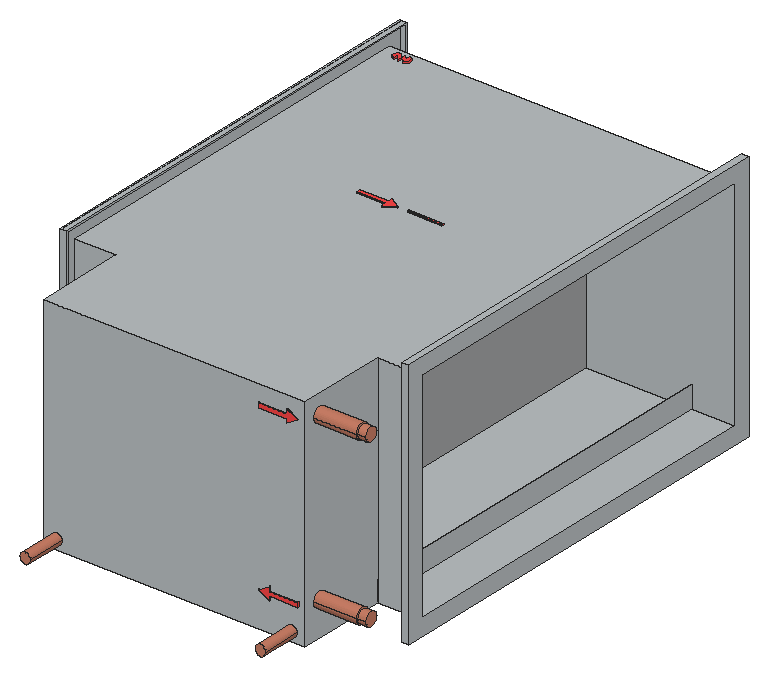
Revit family "NLRS_57_DUA_UN_rectangular-cooloer-acxkkx1-7_LT_sacs", category Duct Accessories, Revit 2023
Family settings
  Round Connector Dimension = Use Diameter
  Part Type = Breaks Into
  OmniClass Number = 23.75.10.24.21
  OmniClass Title = Cooling and Freeze Components
  Work Plane-Based = No
  Always vertical = Yes
  Cut with Voids When Loaded = No
  Shared = No
Parameters (values of type "ACxKKx1-7")
  Water connection Right [instance] = yes
  Type IFC Predefined Type = "Cooler"
  SACS_Y_Offset2 [instance] = if(Water connection Right, SACS_Duct_Width + SACS_Length_Y - 20 mm, 65 mm)  # 535 mm
  SACS_Y_Offset [instance] = if(Water connection Right, 0 mm, SACS_Length_Y + 45 mm)  # 0 mm
  SACS_Warning_Text_Size [instance] = if(SACS_Warning_Size, "Invalid duct size. Nearest larger size selected", " ")  # " "
  SACS_Warning_Text_Other [instance] = if(SACS_Warning_Other, "Selected configuration not allowed", if([Cooler circuits (1-26)] > 22, "Use family ACxKKx23-26", if([Cooler circuits (1-26)] > 14, "Use family ACxKKx15-22", if([Cooler circuits (1-26)] > 7, "Use family ACxKKx8-14", " "))))  # " "
  SACS_Warning_Size [instance] = or(not(NLRS_M_c01_breedte = SACS_Duct_Width), not(NLRS_M_c01_hoogte = SACS_Duct_Height))  # no
  SACS_Warning_Sign [instance] = and(not(SACS_Disable_Warning), or(SACS_Warning_Size, SACS_Warning_Other))  # no
  SACS_Warning_Other [instance] = or([Cooler rows (2-10)] < 2, [Cooler rows (2-10)] > 10, [Cooler circuits (1-26)] < 1, [Cooler circuits (1-26)] > 26)  # no
  SACS_Use_Manual_Airflow [instance] = no
  SACS_Right_Box [instance] = if(Water connection Right, SACS_Duct_Width + SACS_Length_Y, SACS_Y_Offset - 1 mm)  # 555 mm
  SACS_Plenum_L [instance] = if(SACS_Index1 < 7 mm, 400 mm, 500 mm)  # 400 mm
  SACS_Offset2 [instance] = if(Water connection Right, SACS_Right_Box + 45 mm, 45 mm)  # 600 mm
  SACS_Offset1 [instance] = if(Water connection Right, SACS_Right_Box, 0 mm)  # 555 mm
  SACS_Model [instance] = size_lookup(SACS_Data_Hidden, "Model", "NB", SACS_Duct_Width, SACS_Duct_Height, SACS_Index1, SACS_Index2, SACS_Index3)  # "AC2KKR-25-02 450x250"
  SACS_Manual_Airflow [instance] = 0.0 m³/h
  SACS_Left_Box [instance] = if(Water connection Right, SACS_Duct_Width + 1 mm, 45 mm)  # 451 mm
  SACS_Index3 [instance] = if(Water connection Right, 0 mm, 1 mm)  # 0 mm
  SACS_Index2 [instance] = if([Cooler circuits (1-26)] < 1, 1, if([Cooler circuits (1-26)] > 26, 26, [Cooler circuits (1-26)])) * 1 mm  # 2 mm
  SACS_Index1 [instance] = if([Cooler rows (2-10)] < 2, 2, if([Cooler rows (2-10)] > 10, 10, [Cooler rows (2-10)])) * 1 mm  # 2 mm
  SACS_Disable_Warning [instance] = no
  SACS_Data_Hidden [instance] = if(Water connection Right, "AC-KKR_1-7", "AC-KKL_1-7")  # "AC-KKR_1-7"
  SACS_Battery_Length [instance] = SACS_Index1 * 28  # 56 mm
  URL = "https://solid-air.nl/producten/solid-air-nakoeler-ac-k/"
  Type Comments = "Check flow directions, do not mirror!"  # constant formula
  SACS_Y_Offset3 [instance] = if(Water connection Right, -1 mm, SACS_Length_Y - 1 mm)  # -1 mm
  SACS_Type_Mark [instance] = ""
  SACS_Offset_RL [instance] = if(Water connection Right, 20 mm, SACS_Duct_Width + SACS_Length_Y - 19 mm)  # 20 mm
  SACS_Length_Y [instance] = 90 mm + NLRS_P_c01_diameter  # 105 mm
  SACS_Index_Side [instance] = if(Water connection Right, 0, 1)  # 0
  SACS_Flange_Height [instance] = if(or(SACS_Duct_Height > 650 mm, SACS_Duct_Width > 650 mm), 29 mm, 19 mm)  # 19 mm
  SACS_Duct_Width [instance] = if(roundup(NLRS_M_c01_breedte / 50 mm) * 50 < 200, 200 mm, if(roundup(NLRS_M_c01_breedte / 50 mm * 50) > 2000, 2000 mm, roundup(NLRS_M_c01_breedte / 50 mm) * 50 mm))  # 450 mm
  SACS_Duct_Height [instance] = if(roundup(NLRS_M_c01_hoogte / 50 mm) * 50 < 200, 200 mm, if(roundup(NLRS_M_c01_hoogte / 50 mm * 50) > 1600, 1600 mm, roundup(NLRS_M_c01_hoogte / 50 mm) * 50 mm))  # 250 mm
  SACS_Diameter2 [instance] = NLRS_P_c01_diameter + 2 mm  # 17 mm
  SACS_Air_Flow [instance] = 0.0 m³/h
  SA-Select [instance] = "https://saselect.solid-air.nl/"
  NLRS_P_c01_drukverlies_statisch [instance] = 0.0 Pa
  NLRS_P_c01_diameter [instance] = if([Cooler circuits (1-26)] < 8, 15 mm, if([Cooler circuits (1-26)] < 15, 20 mm, if([Cooler circuits (1-26)] < 23, 25 mm, 32 mm)))  # 15 mm
  NLRS_M_c01_hoogte [instance] = 250 mm
  NLRS_M_c01_drukverlies_statisch [instance] = 0.0 Pa
  NLRS_M_c01_breedte [instance] = 450 mm
  NLRS_C_model [instance] = SACS_Model  # "AC2KKR-25-02 450x250"
  NLRS_C_description = Description  # "Cooling battery AC_KK - Rectangular connector - Solid Air"
  NLRS_C_content_versie = "4.23.01"  # constant formula
  NLRS_C_content_provider = "Solid Air Climate Solutions"  # constant formula
  NLRS_C_content_datum_uitgifte = "01-04-2026"  # constant formula
  NLRS_C_content_creator = "J. Feeke"  # constant formula
  NLRS_C_artikel_code [instance] = size_lookup(SACS_Data_Hidden, "Artikelcode", "NB", SACS_Duct_Width, SACS_Duct_Height, SACS_Index1, SACS_Index2, SACS_Index3)  # "NB"
  Export Type to IFC As = "IfcHeatExchanger"
  Default Elevation = 0 mm
  NLRS_P_c01_volumestroom [instance] = 0.0 L/s
  NLRS_M_c01_debiet [instance] = abs(if(SACS_Use_Manual_Airflow, SACS_Manual_Airflow, SACS_Air_Flow))  # 0.0 m³/h
  Model = "AC_KK"  # constant formula
  Manufacturer = "Solid Air Climate Solutions"  # constant formula
  LoadBearing [instance] = 1 = 0  # no
  Keynote = ""
  IsExternal [instance] = 1 = 0  # no
  IfcExportType = "Cooler"  # constant formula
  IfcExportAs = "IfcHeatExchanger"  # constant formula
  IfcDescription = Description  # "Cooling battery AC_KK - Rectangular connector - Solid Air"
  Cooler rows (2-10) [instance] = 2
  FireRating [instance] = "00"  # constant formula
  Description = "Cooling battery AC_KK - Rectangular connector - Solid Air"  # constant formula
  Cost = 0
  Cooler circuits (1-26) [instance] = 2
  Assembly Code = "57.00"
Reference planes
  plane 1 "Center (Front/Back)": y = 0
  plane 2: z = 0
  plane 3 "Center (Left/Right)": x = 0
  plane 4 "top": z = 125
  plane 5 "bottom": z = -125
  plane 6 "left": x = -200
  plane 7 "right": x = 200
  plane 8 "back": y = 225
  plane 9 "Front": y = -225
  plane 10 "box": y = -330
  plane 11: y = -226
  plane 12: y = 225
Forms (mm)
  Sweep 1, solid, material "NLRS_57_sendzimir verzinkt_gen_sacs", detail levels medium+fine
    path in 3D
      loop
        line (0, -225, -125) -> (0, 225, -125) -> (0, 225, 125) -> (0, -225, 125) -> (0, -225, -125)
    profile "casing : casing" origin (0, -225, 0) x (0, 1, 0) y (1, 0, 0)
      loop
        line (0, -200) -> (0, 200) -> (-19, 200) -> (-19, 192.5) -> (-18, 192.5) -> (-18, 199) -> (-1, 199) -> (-1, -199) -> (-18, -199) -> (-18, -192.5) -> (-19, -192.5) -> (-19, -200) -> (0, -200)
  Extrusion 2, solid, material "NLRS_57_sendzimir verzinkt_gen_sacs", detail levels medium+fine
    sketch origin (0, 0, 0) x (1, 0, 0) y (0, 1, 0)
      loop
        line (-150, -226) -> (-150, -330) -> (150, -330) -> (150, -226) -> (-150, -226)
    from -126 to 126
  Extrusion 3, solid, material "Koper", detail levels medium+fine
    sketch origin (200, 0, 0) x (0, 1, 0) y (0, 0, 1)
      loop
        circle (-310, 105) r 8.5
      loop
        circle (-310, -85) r 8.5
    from -50 to 0
  Extrusion 4, solid, material "Koper", detail levels medium+fine
    sketch origin (200, 0, 0) x (0, 1, 0) y (0, 0, 1)
      loop
        circle (-310, 105) r 7.5
      loop
        circle (-310, -85) r 7.5
    from 0 to 10
  Extrusion 5, solid, material "NLRS_57_anodised aluminium_gen_sacs", detail levels medium+fine
    sketch origin (0, 0, 0) x (1, 0, 0) y (0, 1, 0)
      loop
        line (-28, 225) -> (-28, -225) -> (28, -225) -> (28, 225) -> (-28, 225)
    from -125 to 125
  Extrusion 6, solid, material "SACS_Label", detail levels medium+fine
    sketch origin (0, 0, 125) x (-1, 0, 0) y (0, -1, 0)
      loop
        line (-4.439, -1) -> (-4.439, 1) -> (-44.439, 1) -> (-44.439, -1) -> (-4.439, -1)
    from 1 to 2
  Extrusion 7, solid, material "Koper", detail levels medium+fine
    sketch origin (0, 0, 0) x (1, 0, 0) y (0, 0, 1)
      loop
        circle (-135, -115) r 6
      loop
        circle (135, -115) r 6
    from 330 to 375
  Extrusion 8, solid, material "NLRS_57_sendzimir verzinkt_gen_sacs", detail levels medium+fine
    sketch origin (0, 0, 0) x (1, 0, 0) y (0, 0, 1)
      loop
        line (149, -100) -> (149, -125) -> (150, -125) -> (150, -100) -> (149, -100)
      loop
        line (-150, -100) -> (-150, -125) -> (-149, -125) -> (-149, -100) -> (-150, -100)
    from -225 to 225
Cuts and joins
  joined: Sweep 1, Extrusion 2
Lines and regions (mm)
  model lines, not visible
    curve 1: line (0, 225, 125) -> (0, -225, 125)
    curve 2: line (0, 225, -125) -> (0, 225, 125)
    curve 3: line (0, -225, -125) -> (0, 225, -125)
    curve 4: line (0, -225, 125) -> (0, -225, -125)
  sketch lines
    curve 5: line (0, -225, 125) -> (0, -225, -125)
    curve 6: line (0, 225, 125) -> (0, -225, 125)
    curve 7: line (0, 225, -125) -> (0, 225, 125)
    curve 8: line (0, -225, -125) -> (0, 225, -125)
Dimensions and locks
  equal spacing: plane 4 "top", level, plane 5 "bottom"
  "SACS_Duct_Height": plane 4 "top" to plane 5 "bottom"
  equal spacing: plane 6 "left", plane 3 "Center (Left/Right)", plane 7 "right"
  equal spacing: plane 8 "back", plane 1 "Center (Front/Back)", plane 9 "Front"
  "SACS_Duct_Width": plane 8 "back" to plane 9 "Front"
  "SACS_Plenum_L": plane 6 "left" to plane 7 "right"
  "SACS_Y_Offset": plane 12 to plane 8 "back"
  "SACS_Left_Box": plane 12 to plane 11
  "SACS_Right_Box": plane 12 to plane 10 "box"
  locked: Extrusion 2 sketch curve to plane 7 "right" at 50
  locked: plane 6 "left" to Extrusion 2 sketch curve at 50
  locked: Extrusion 2 to plane 4 "top" at 1
  locked: plane 5 "bottom" to Extrusion 2 at 1
  "SACS_Y_Offset2": Extrusion 3 sketch curve to plane 12
  locked: plane 4 "top" to Extrusion 3 sketch curve at 20
  locked: Extrusion 3 sketch curve to plane 5 "bottom" at 40
  "SACS_Y_Offset2": plane 12 to Extrusion 3 sketch curve
  locked: Extrusion 3 to plane 7 "right" at 50
  locked: Extrusion 4 sketch curve to plane 5 "bottom" at 40
  locked: plane 4 "top" to Extrusion 4 sketch curve at 20
  "SACS_Y_Offset2": plane 12 to Extrusion 4 sketch curve  (x2)
  locked: plane 7 "right" to Extrusion 4 at 10
  equal spacing: Extrusion 5 sketch curve, plane 3 "Center (Left/Right)", Extrusion 5 sketch curve
  "SACS_Battery_Length": Extrusion 5 sketch curve to Extrusion 5 sketch curve
  locked: plane 7 "right" to nested 1 at 80
  locked: plane 7 "right" to nested 2 at 80
  locked: nested 3 to plane 3 "Center (Left/Right)" at 30
  Extrusion 6 sketch curve to plane 1 "Center (Front/Back)" to Extrusion 6 sketch curve = 1 mm locked, 1 mm locked
  locked: plane 6 "left" to nested 4 at 25
  locked: plane 8 "back" to nested 4 at 10
  "SACS_Offset1": plane 12 to Extrusion 7
  "SACS_Offset2": plane 12 to Extrusion 7
  locked: Extrusion 7 sketch curve to plane 5 "bottom" at 10  (x2)
  locked: Extrusion 7 sketch curve to plane 6 "left" at 65
  locked: plane 7 "right" to Extrusion 7 sketch curve at 65
  locked: plane 7 "right" to Extrusion 8 sketch curve at 51
  locked: plane 7 "right" to Extrusion 8 sketch curve at 50
  locked: Extrusion 8 sketch curve to plane 5 "bottom" at 25  (x2)
  locked: Extrusion 8 sketch curve to plane 6 "left" at 50
  locked: Extrusion 8 sketch curve to plane 6 "left" at 51
  locked: nested 1 to plane 5 "bottom" at 40
  locked: plane 4 "top" to nested 2 at 20
  "SACS_Diameter2": diameter of Extrusion 3 sketch curve  (x2)
  "NLRS_P_c01_diameter": diameter of Extrusion 4 sketch curve  (x2)
  aligned and locked: level to plane 2
  aligned and locked: curve 1 to plane 4 "top"
  aligned and locked: plane 9 "Front" to curve 4
  aligned and locked: plane 5 "bottom" to curve 3
  aligned and locked: curve 2 to plane 8 "back"
  aligned and locked: Extrusion 2 sketch curve to plane 11
  aligned and locked: plane 10 "box" to Extrusion 2 sketch curve
  aligned and locked: plane 7 "right" to Extrusion 3
  aligned and locked: plane 8 "back" to Extrusion 5
  aligned and locked: Extrusion 5 to plane 9 "Front"
  aligned and locked: Extrusion 5 to plane 5 "bottom"
  aligned and locked: plane 4 "top" to Extrusion 5
  aligned and locked: plane 1 "Center (Front/Back)" to nested 3
  aligned and locked: plane 3 "Center (Left/Right)" to nested 5
  aligned and locked: plane 5 "bottom" to Extrusion 8 sketch curve
  aligned and locked: Extrusion 8 to plane 9 "Front"
  aligned and locked: plane 8 "back" to Extrusion 8
Automatic sketch dimensions
  plane 3 "Center (Left/Right)" to Extrusion 6 sketch curve = 44.439 mm
  plane 3 "Center (Left/Right)" to Extrusion 6 sketch curve = 4.439 mm
  Extrusion 8 sketch curve to plane 5 "bottom" = 0 mm
  Extrusion 5 sketch curve to plane 9 "Front" = 0 mm
  Extrusion 5 sketch curve to plane 8 "back" = 0 mm
  radius of Extrusion 7 sketch curve = 6 mm  (x2)
Nested families
  nested 1: "arrow" at (120, -331, -85) x (-1, 0, 0) z (0, 1, 0), built-in parameter 1001364 <- "SACS_Y_Offset3", type "arrow", detail levels medium+fine
  nested 2: "arrow" at (120, -331, 105) x (1, 0, 0) z (0, 1, 0), built-in parameter 1001364 <- "SACS_Y_Offset3", type "arrow", detail levels medium+fine
  nested 3: "arrow" at (-30, 0, 126), type "arrow", detail levels medium+fine
  nested 4: "logo_single" at (-175, 215, 125), type "logo_single", detail levels medium+fine
  nested 5: "NK-Symbol" at (0, 0, 125), type "NK-Top", detail levels coarse
  nested 6: "Warning" at (0, 0, 125), visible <- "SACS_Warning_Size", type "Warning", detail levels medium+fine
  nested 7: "NK-Symbol" at (0, 0, 0) x (1, 0, 0) z (0, -1, 0), type "NK-Side"
Connectors
  hvac at (-200, 0, 0), driven by "NLRS_M_c01_hoogte", driven by "NLRS_M_c01_breedte", driven by "NLRS_M_c01_debiet", driven by "NLRS_M_c01_drukverlies_statisch"
    settings: on cut or joined group of Sweep 1, Extrusion 2, index 1, duct flow 0.0 m³/h, flow factor 0, pres drop 0.0 Pa, loss coef 0, conn angle 0.00°, conn width 450 mm, conn height 250 mm, conn diameter 609.6 mm, duct sys type 29, conn prof type 1, flow config 1, flow direction 1, loss method 4, conn ref index -1, conn util no, is conn primary yes, conn desc ""
  hvac at (200, 0, 0), driven by "NLRS_M_c01_hoogte", driven by "NLRS_M_c01_breedte", driven by "SACS_Air_Flow"
    settings: on cut or joined group of Sweep 1, Extrusion 2, index 2, duct flow 0.0 m³/h, flow factor 0, pres drop 0.0 Pa, loss coef 0, conn angle 0.00°, conn width 450 mm, conn height 250 mm, conn diameter 609.6 mm, duct sys type 29, conn prof type 1, flow config 0, flow direction 2, loss method 0, conn ref index -1, conn util no, is conn primary no, conn desc ""
  piping at (200, -310, -85), diameter 15, driven by "NLRS_P_c01_diameter", driven by "NLRS_P_c01_volumestroom", driven by "NLRS_P_c01_drukverlies_statisch"
    settings: on Extrusion 4, index 3, connector inside diameter 24", connector length 0 mm, flow factor 0, pipe flow 0.0 L/s, pressure drop 0.0 Pa, fitting loss kfactor 0, connector angle 0.00°, fixture units 0, engagement length 0 mm, angle of deflection 0.00°, flow configuration 1, flow direction 1, fitting loss method 4, system type 7, joint type 0, gender type 0, connector reference index -1, connector utility 0, adjustable connector no, is connector primary yes, connector description ""
  piping at (200, -310, 105), diameter 15, driven by "NLRS_P_c01_diameter", driven by "NLRS_P_c01_volumestroom", driven by "NLRS_P_c01_drukverlies_statisch"
    settings: on Extrusion 4, index 4, connector inside diameter 24", connector length 0 mm, flow factor 0, pipe flow 0.0 L/s, pressure drop 0.0 Pa, fitting loss kfactor 0, connector angle 0.00°, fixture units 0, engagement length 0 mm, angle of deflection 0.00°, flow configuration 1, flow direction 2, fitting loss method 4, system type 8, joint type 0, gender type 0, connector reference index -1, connector utility 0, adjustable connector no, is connector primary no, connector description ""
Definition of nested family "arrow"
  Parameters (values of type "arrow")
    Default Elevation = 1219.2 mm
  Reference planes
    plane 1 "Center (Front/Back)": y = 0
    plane 2: z = 0
    plane 3 "Center (Left/Right)": x = 0
  Forms (mm)
    Extrusion 1, solid
      sketch origin (0, 48.354, 0) x (-1, 0, 0) y (0, -1, 0)
        loop
          line (22.513, 50.854) -> (-10.002, 50.854) -> (-10.002, 55.854) -> (-22.513, 48.354) -> (-10.002, 40.854) -> (-10.002, 45.854) -> (22.513, 45.854) -> (22.513, 50.854)
      from 0 to 1
  Dimensions and locks
    aligned and locked: level to plane 2
Definition of nested family "logo_single"
  Parameters (values of type "logo_single")
    t = 5 mm
    Model = "LOD 400"
    Description = "Model type"
    Default Elevation = 1219.2 mm
  Reference planes
    plane 1 "Center (Front/Back)": y = 0
    plane 2: z = 0
    plane 3 "Center (Left/Right)": x = 0
    plane 4: z = 2
    plane 5: x = -10
    plane 6: y = -5
    plane 7: y = 5
    plane 8: x = -5
    plane 9: x = 5
    plane 10: x = 10
  Forms (mm)
    Extrusion 1, solid
      sketch origin (-547.644, -297.937, 0) x (1, 0, 0) y (0, 1, 0)
        loop
          arc (542.644, 302.937) -> (537.644, 297.937) -> (542.644, 292.937) r 5
          line (542.644, 292.937) -> (542.644, 297.937) -> (547.644, 292.937) -> (547.644, 297.937) -> (542.644, 302.937)
      from 0 to 2
    Extrusion 2, solid
      sketch origin (0, 0, 0) x (1, 0, 0) y (0, 1, 0)
        loop
          arc (5, -5) -> (10, 0) -> (5, 5) r 5
          line (5, 5) -> (5, 0) -> (0, 5) -> (0, 0) -> (5, -5)
      from 0 to 2
  Dimensions and locks
    "t": plane 7 to plane 1 "Center (Front/Back)"
    "t": plane 6 to plane 1 "Center (Front/Back)"
    "t": plane 5 to plane 8
    "t": plane 8 to plane 3 "Center (Left/Right)"
    "t": plane 3 "Center (Left/Right)" to plane 9
    "t": plane 9 to plane 10
    aligned and locked: level to plane 2
    aligned and locked: plane 4 to Extrusion 1
  Automatic sketch dimensions
    plane 1 "Center (Front/Back)" to Extrusion 1 sketch curve = 0 mm  (x3)
    Extrusion 1 sketch curve to plane 8 = 0 mm
    Extrusion 1 sketch curve to plane 7 = 0 mm
    Extrusion 1 sketch curve to plane 3 "Center (Left/Right)" = 0 mm
    Extrusion 1 sketch curve to plane 6 = 0 mm
    Extrusion 2 sketch curve to plane 3 "Center (Left/Right)" = 0 mm
    plane 1 "Center (Front/Back)" to Extrusion 2 sketch curve = 0 mm  (x3)
    Extrusion 2 sketch curve to plane 6 = 0 mm
    Extrusion 2 sketch curve to plane 9 = 0 mm
    Extrusion 2 sketch curve to plane 7 = 0 mm
Definition of nested family "NK-Symbol"
  Parameters (values of type "NK-Symbol")
    Width = 450 mm
    Length = 400 mm
    Half_Width = Width / 2  # 225 mm
  Reference planes
    plane 1 "Center (Front/Back)": y = 0
    plane 2: z = 0
    plane 3 "Center (Left/Right)": x = 0
    plane 4: x = -200
    plane 5: x = 200
    plane 6: y = -225
    plane 7: y = 225
    plane 8: x = 150
    plane 9: x = -175
    plane 10: y = 200
    plane 11: x = -417.698
    plane 12: y = 67.059
  Lines and regions (mm)
    detail lines, in view "Ref. Level"
      curve 1: line (-200, 225, 0) -> (200, 225, 0)
      curve 2: line (-200, -225, 0) -> (-200, 225, 0)
      curve 3: line (200, -225, 0) -> (-200, -225, 0)
      curve 4: line (200, 225, 0) -> (200, -225, 0)
      curve 5: line (-200, -225, 0) -> (200, 225, 0)
      curve 6: line (125, 0, 0) -> (175, 0, 0)
      curve 7: line (-191.355, 212.5, 0) -> (-191.355, 187.5, 0)
      curve 8: line (-191.355, 200, 0) -> (-178.855, 212.5, 0)
      curve 9: line (-178.855, 187.5, 0) -> (-191.355, 200, 0)
      curve 13: spline (-163.429, 187.5, 0) -> (-165.461, 187.926, 0) -> (-167.355, 189.175, 0) -> (-168.98, 191.161, 0) -> (-170.228, 193.75, 0) -> (-171.012, 196.765, 0) -> (-171.28, 200, 0) -> (-171.012, 203.235, 0) -> (-170.228, 206.25, 0) -> (-168.98, 208.839, 0) -> (-167.355, 210.825, 0) -> (-165.461, 212.074, 0) -> (-163.429, 212.5, 0) -> (-161.397, 212.074, 0) -> (-159.504, 210.825, 0) -> (-157.878, 208.839, 0) -> (-156.631, 206.25, 0) -> (-155.846, 203.235, 0) -> (-155.579, 200, 0) -> (-155.846, 196.765, 0) -> (-156.631, 193.75, 0) -> (-157.878, 191.161, 0) -> (-159.504, 189.175, 0) -> (-161.397, 187.926, 0) -> (-163.429, 187.5, 0)
    detail lines, in view "Ref. Level", not visible
      curve 10: line (-434.053, 79.559, 0) -> (-434.053, 54.559, 0)
      curve 11: line (-434.053, 67.059, 0) -> (-421.553, 79.559, 0)
      curve 12: line (-421.553, 54.559, 0) -> (-434.053, 67.059, 0)
      curve 14: spline (-406.128, 54.559, 0) -> (-408.16, 54.985, 0) -> (-410.053, 56.234, 0) -> (-411.679, 58.22, 0) -> (-412.926, 60.809, 0) -> (-413.711, 63.824, 0) -> (-413.978, 67.059, 0) -> (-413.711, 70.294, 0) -> (-412.926, 73.309, 0) -> (-411.679, 75.898, 0) -> (-410.053, 77.884, 0) -> (-408.16, 79.133, 0) -> (-406.128, 79.559, 0) -> (-404.096, 79.133, 0) -> (-402.202, 77.884, 0) -> (-400.577, 75.898, 0) -> (-399.329, 73.309, 0) -> (-398.545, 70.294, 0) -> (-398.277, 67.059, 0) -> (-398.545, 63.824, 0) -> (-399.329, 60.809, 0) -> (-400.577, 58.22, 0) -> (-402.202, 56.234, 0) -> (-404.096, 54.985, 0) -> (-406.128, 54.559, 0)
  Dimensions and locks
    "Half_Width": plane 1 "Center (Front/Back)" to plane 6
    "Half_Width": plane 7 to plane 1 "Center (Front/Back)"
    "Length": plane 4 to plane 5
    equal spacing: plane 4, plane 3 "Center (Left/Right)", plane 5
    locked: curve 6 to plane 8 at 25
    locked: plane 8 to curve 6 at 25
    locked: plane 4 to plane 9 at 25
    locked: plane 7 to plane 10 at 25
    locked: plane 8 to plane 5 at 50
    aligned and locked: plane 4 to curve 2
    aligned and locked: curve 1 to plane 7
    aligned and locked: curve 4 to plane 5
    aligned and locked: plane 6 to curve 3
    aligned and locked: plane 1 "Center (Front/Back)" to curve 6
  Automatic sketch dimensions
    curve 5 to plane 4 = 0 mm
    curve 7 to curve 9 = 12.5 mm
    curve 7 to curve 8 = 12.5 mm  (x2)
    curve 7 to curve 9 = 0 mm
    curve 13 to curve 13 = 12.5 mm
    curve 8 to curve 7 = 12.5 mm
    curve 9 to curve 13 = 15.425 mm
    curve 9 to curve 13 = 12.5 mm
    curve 10 to curve 12 = 12.5 mm
    curve 10 to curve 11 = 12.5 mm  (x2)
    curve 10 to curve 12 = 0 mm
    curve 14 to curve 14 = 12.5 mm
    curve 11 to curve 10 = 12.5 mm
    curve 12 to curve 14 = 15.425 mm
    curve 12 to curve 14 = 12.5 mm
Definition of nested family "Warning"
  Parameters (values of type "Warning")
    straal = 1000 mm
  Reference planes
    plane 1 "Center (Front/Back)": y = 0
    plane 2: z = 0
    plane 3 "Center (Left/Right)": x = 0
  Lines and regions (mm)
    Filled region 1, type "Solid Fill - Black", in view "Ref. Level"
      outline origin (0, 0, 0) x (1, 0, 0) y (0, 1, 0)
        loop
          line (-25.8, 75) -> (-20, -12.003) -> (20, -12.003) -> (25.8, 75) -> (-25.8, 75)
        loop
          circle (0, -50) r 25
